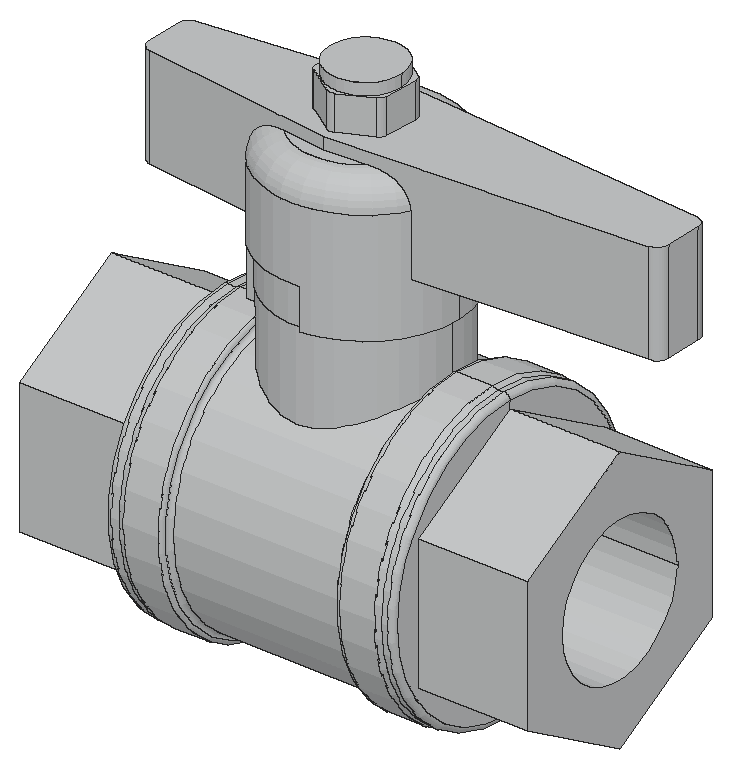
Revit family "QA00070000", category Apparecchi idraulici, Revit 2020
Family settings
  Quota connettore circolare = Usa diametro
  Tipo di parte = Normale
  Numero OmniClass = 23.45.00.00
  Titolo OmniClass = Sanitary, Laundry, and Cleaning Equipment
  Basato su piano di lavoro = No
  Sempre verticale = Sì
  Taglio con vuoti quando caricato = No
  Condiviso = No
  Punto di calcolo locali = No
Parameters
  URL = "https://web.cimberio.com/index.php/figura/71?subcategoria_id="
  Temperatura di esercizio = "-20 ÷ 150°C"
  Prospetto di default = 0 mm
  Produttore = "CIMBERIO SPA"
  Pressione nominale = "PN 100 (1/4\" ÷ 1/2\"); PN 64 (3/4\" ÷ 1\"); PN 50 (1\"1/4); PN 40 (1\"1/2 ÷ 2\")"
  Modello = "Cim 10OT"
  Materiale = "Prodotto in lega di ottone conforme alla norma EN 12165-CW617N-DW"
  Descrizione = "Realizzato in ottemperanza ai requisiti gestionali della norma EN ISO 9001.\r\nUtilizzato per la regolazione della temperatura degli ambienti e comandare apparecchi degli impianti di riscaldamento e condizionamento."
  DN Model [instance] = QA00071025 : QA00071025
  DN [instance] = 25 mm
  Commenti sul tipo = "Utilizzato nei più svariati settori dell'impiantistica: impianti di riscaldamento, condizionamento, idrici, igienico-sanitari, aria compressa, reti di distribuzione oli, benzine, vapore saturo e in generale con ogni fluido non corrosivo"
Reference planes
  plane 1 "Centro (Fronte/Retro)": y = 0
  plane 2: z = 0
  plane 3 "Centro (Sinistra/Destra)": x = 0
Dimensions and locks
  aligned and locked: level to plane 2
Nested families
  nested 1: "QA00071025" at (0, 0, 0), type <- "DN Model", type "QA00071025"
  nested 2: "QA00071025" at (0, 0, 0), type <- "DN Model", type "QA00071025"
  nested 3: "QA00071025" at (0, 0, 0), type <- "DN Model", type "QA00071025"
  nested 4: "QA00071025" at (0, 0, 0), type <- "DN Model", type "QA00071025"
  nested 5: "QA00071025" at (0, 0, 0), type <- "DN Model", type "QA00071025"
  nested 6: "QA00071025" at (0, 0, 0), type <- "DN Model", type "QA00071025"
  nested 7: "QA00071025" at (0, 0, 0), type <- "DN Model", type "QA00071025"
  nested 8: "QA00071025" at (0, 0, 0), type <- "DN Model", type "QA00071025"
Connectors
  piping at (43.9, 0, -4), diameter 25, driven by "DN"
    settings: on nested 1, index 1, connector inside diameter 609.6 mm, connector length 0 mm, flow factor 0, pipe flow 0.0 L/s, pressure drop 0.0 Pa, fitting loss kfactor 0, connector angle 0.00°, fixture units 0, engagement length 0 mm, angle of deflection 0.00°, flow configuration 0, flow direction 0, fitting loss method 0, system type 7, joint type 0, gender type 0, connector reference index -1, connector utility 0, adjustable connector no, is connector primary yes, connector description ""
  piping at (-43.9, 0, -4), diameter 25, driven by "DN"
    settings: on nested 1, index 2, connector inside diameter 609.6 mm, connector length 0 mm, flow factor 0, pipe flow 0.0 L/s, pressure drop 0.0 Pa, fitting loss kfactor 0, connector angle 0.00°, fixture units 0, engagement length 0 mm, angle of deflection 0.00°, flow configuration 0, flow direction 0, fitting loss method 0, system type 7, joint type 0, gender type 0, connector reference index -1, connector utility 0, adjustable connector no, is connector primary no, connector description ""
Definition of nested family "QA00071025"
  Parameters (values of type "QA00071025")
    Default Elevation = 0 mm
  Reference planes
    plane 1 "Centro (Fronte/Retro)": y = 0
    plane 2: z = 0
    plane 3 "Centro (Sinistra/Destra)": x = 0
  Forms (mm)
    Extrusion 1, solid
      sketch origin (0, 0, 0) x (1, 0, 0) y (0, 1, 0)
        loop
          circle (0, 0) r 15
        loop
          circle (0, 0) r 12.689
      from 7.846 to 51.018
    Revolve 2, solid
      sketch origin (0, 0, 0) x (1, 0, 0) y (0, 0, 1)
        loop
          line (0, 54.3) -> (-11.25, 54.3)
          arc (-11.25, 54.3) -> (-14.786, 52.836) -> (-16.25, 49.3) r 5
          line (-16.25, 49.3) -> (-16.25, 29.8) -> (-11.25, 29.8) -> (-11.25, 51.018) -> (0, 51.018) -> (0, 54.3)
        axis (0, 54.3) -> (0, 29.8)
      angle from 0 to 360
    Extrusion 3, void
      sketch origin (0, 0, 0) x (1, 0, 0) y (0, 1, 0)
        loop
          arc (-16.25, 0) -> (-10.91, -12.043) -> (1.6, -16.171) r 16.25
          line (1.6, -16.171) -> (1.6, -15.043)
          arc (1.6, -15.043) -> (-10.116, -11.249) -> (-15.128, 0) r 15.128
          line (-15.128, 0) -> (-16.25, 0)
      from 25 to 36.8
    Extrusion 4, solid
      sketch origin (0, 0, 0) x (1, 0, 0) y (0, 1, 0)
        loop
          line (-19.331, 1.393) -> (-19.331, -1.663) -> (-12.137, -1.663) -> (-12.137, 1.393) -> (-19.331, 1.393)
      from 15.862 to 34.8
    Extrusion 5, solid
      sketch origin (0, -0.001, -0.5) x (0.832812, -0.553555, 0) y (0.553555, 0.832812, 0)
        loop
          line (7.07, 0.698) -> (4.135, 5.782)
          arc (4.135, 5.782) -> (3.63, 6.287) -> (2.939, 6.472) r 1.381
          line (2.939, 6.472) -> (-2.979, 6.472)
          arc (-2.979, 6.472) -> (-3.635, 6.296) -> (-4.115, 5.816) r 1.312
          line (-4.115, 5.816) -> (-7.076, 0.687)
          arc (-7.076, 0.687) -> (-7.26, 0) -> (-7.076, -0.687) r 1.375
          line (-7.076, -0.687) -> (-4.134, -5.783)
          arc (-4.134, -5.783) -> (-3.63, -6.287) -> (-2.941, -6.472) r 1.377
          line (-2.941, -6.472) -> (2.914, -6.472)
          arc (2.914, -6.472) -> (3.626, -6.281) -> (4.148, -5.76) r 1.424
          line (4.148, -5.76) -> (7.07, -0.698)
          arc (7.07, -0.698) -> (7.257, 0) -> (7.07, 0.698) r 1.397
      from 56.8 to 62.8
    Extrusion 6, solid
      sketch origin (0, 0, -0.5) x (1, 0, 0) y (0, 1, 0)
        loop
          circle (0, 0) r 6.25
      from 62.8 to 64.8
    Revolve 7, solid
      sketch origin (0, 0, 0) x (1, 0, 0) y (0, 0, 1)
        loop
          line (-24.9, 20.25) -> (-24.9, 10.096) -> (24.9, 10.096) -> (24.9, 20.25)
          arc (24.9, 20.25) -> (24.607, 20.957) -> (23.9, 21.25) r 1
          line (23.9, 21.25) -> (22.903, 21.25) -> (21.9, 21.5) -> (15.815, 21.5)
          arc (15.815, 21.5) -> (15.232, 21.258) -> (14.99, 20.675) r 0.825
          arc (14.99, 20.675) -> (14.759, 20.117) -> (14.2, 19.885) r 0.79
          line (14.2, 19.885) -> (-14.2, 19.885)
          arc (-14.2, 19.885) -> (-14.771, 20.122) -> (-15.008, 20.693) r 0.808
          arc (-15.008, 20.693) -> (-15.188, 21.15) -> (-15.532, 21.5) r 1.231
          line (-15.532, 21.5) -> (-21.605, 21.5) -> (-22.538, 21.25) -> (-23.9, 21.25)
          arc (-23.9, 21.25) -> (-24.607, 20.957) -> (-24.9, 20.25) r 1
        axis (-24.9, -4) -> (24.9, -4)
      angle from 0 to 360
    Extrusion 8, solid
      sketch origin (0, 0, 0) x (0, 1, 0) y (0, 0, 1)
        loop
          circle (0, -4) r 12.5
        loop
          line (0, -27) -> (19.919, -15.5) -> (19.919, 7.5) -> (0, 19) -> (-19.919, 7.5) -> (-19.919, -15.5) -> (0, -27)
      from -43.9 to -24.9
    Extrusion 9, solid
      sketch origin (0, 0, 0) x (0, 1, 0) y (0, 0, -1)
        loop
          circle (0, 4) r 12.5
        loop
          line (0, 27) -> (-19.919, 15.5) -> (-19.919, -7.5) -> (0, -19) -> (19.919, -7.5) -> (19.919, 15.5) -> (0, 27)
      from -43.9 to -24.9
    Extrusion 10, solid
      sketch origin (0, 0, 0) x (1, 0, 0) y (0, 1, 0)
        loop
          line (0, 9) -> (-33.227, 5.203)
          arc (-33.227, 5.203) -> (-34.492, 4.547) -> (-35, 3.216) r 2
          line (-35, 3.216) -> (-35, -3.216)
          arc (-35, -3.216) -> (-34.492, -4.547) -> (-33.227, -5.203) r 2
          line (-33.227, -5.203) -> (0, -9) -> (53.145, -5.135)
          arc (53.145, -5.135) -> (54.465, -4.502) -> (55, -3.14) r 2
          line (55, -3.14) -> (55, 3.14)
          arc (55, 3.14) -> (54.465, 4.502) -> (53.145, 5.135) r 2
          line (53.145, 5.135) -> (0, 9)
      from 38.8 to 56.3
  Cuts and joins
    Extrusion 3 cuts Revolve 2
  Dimensions and locks
    aligned and locked: level to plane 2
